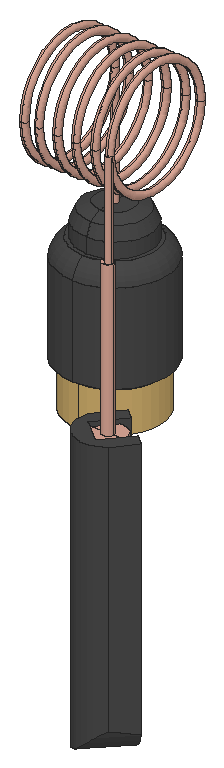
Revit family "QT_RFA", category Pipe Accessories, Revit 2019
Family settings
  Round Connector Dimension = Use Diameter
  Part Type = Normal
  OmniClass Number = 23.65.55.14.17
  OmniClass Title = Adjusting/Controlling Valves for Liquid Services
  Work Plane-Based = No
  Always vertical = Yes
  Cut with Voids When Loaded = No
  Shared = No
Parameters (values of type "QT_35-50°C_003Z0397")
  Weight = 0.21 kg  # constant formula
  W [instance] = 70.154 mm
  URL = "https://store.danfoss.com/en/Climate-Solutions-for-heating/Hydronic-Balancing-and-Control/One-pipe-solution/c/4031?q=%3Arelevance%3Adanfoss_producttypehierarchydesc%3AQT%3Adanfoss_a1962420243%3AA1962_4202439e4a66cc7b82afaecb8ea2b4cbdff853&text="
  Pressure Drop [instance] = 0.0 Pa
  Model Type = "QT_35-50°C"
  Model = "003Z0397"
  Min Temperature Setting = "35 °C"
  Max Temperature Setting = "50 °C"
  Max Capillary Tube Length = 600.00 mm  # constant formula
  Manufacturer = "Danfoss"  # constant formula
  LOD 350 [instance] = not(LOD 200)  # yes
  LOD 200 [instance] = no
  L [instance] = 61.43 mm
  IfcExportType = "QT"  # constant formula
  IfcExportAs = "IfcActuatorType"  # constant formula
  H [instance] = 186.378 mm
  For DN = "15-32"  # constant formula
  Flow [instance] = 0.0 L/s
  Description = "Thermostatic Actuator"  # constant formula
  Body Material = Danfoss Plastic Black
  A1 = 1.89 mm  # constant formula
Types (4, lengths in mm): name | Model Type | Model | Min Temperature Setting | Max Temperature Setting
  (no name) | "QT_35-50°C" | "003Z0397" | "35 °C" | "50 °C"
  QT_35-50°C_003Z0397 | "QT_35-50°C" | "003Z0397" | "35 °C" | "50 °C"
  QT_45-60°C_003Z0398 | "QT_45-60°C" | "003Z0398" | "45 °C" | "60 °C"
  QT_65-85°C_003Z0399 | "QT_65-85°C" | "003Z0399" | "65 °C" | "85 °C"
Reference planes
  plane 1 "Center (Front/Back)": y = 0
  plane 2: z = 0
  plane 3 "Center (Left/Right)": x = 0
  plane 4: z = 21.923
  plane 5 "2": y = -12.753
  plane 6: x = 27
  plane 7: z = 87.29
  plane 8: z = 129.634
  plane 9: z = 108.462
  plane 10: y = -40.292
  plane 11: y = -20.146
  plane 12: z = 87.29
  plane 13: z = 129.634
  plane 14: z = 108.462
  plane 15: y = -40.292
  plane 16: y = -20.146
  plane 17: z = 87.29
  plane 18: z = 129.634
  plane 19: z = 108.462
  plane 20: y = -40.292
  plane 21: y = -20.146
  plane 22: z = 87.29
  plane 23: z = 129.634
  plane 24: z = 108.462
  plane 25: y = -40.292
  plane 26: y = -20.146
  plane 27: z = 87.29
  plane 28: z = 129.634
  plane 29: z = 108.462
  plane 30: y = -40.292
  plane 31: y = -20.146
  plane 32: z = 87.29
  plane 33: z = 129.634
  plane 34: z = 108.462
  plane 35: y = -40.292
  plane 36: y = -20.146
  plane 37 "12": through (33.165, -43.049, 1200) normal (-0.6561, -0.7547, 0)
  plane 38: x = -18.517
  plane 39: y = 18.517
  plane 40 "cr": y = -40.738
  plane 41: x = 28.148
  plane 42: x = 32.148
  plane 43: x = 30.148
  plane 44: through (33.367, -22.543, 1200) normal (0.766, -0.6428, 0)
  plane 45: through (55.554, -27.215, 1200) normal (0.766, -0.6428, 0)
  plane 46: through (18.107, -56.286, 1200) normal (-0.766, 0.6428, 0)
  plane 47: z = 74.566
  plane 48: x = 29.285
  plane 49: x = 31.465
  plane 50: x = 30.375
  plane 51: z = 108.301
  plane 52: through (37.097, -48.971, 1200) normal (0.6561, 0.7547, 0)
  plane 53: z = -78.077
  plane 54: y = -51.638
Forms (mm)
  Revolve 1, solid, material "Danfoss Plastic Black" <- "Body Material", visible <- "LOD 350", detail levels fine
    sketch origin (0, 0, 0) x (0, 1, 0) y (0, 0, 1)
      loop
        line (0, 65.45) -> (-6.639, 65.45) -> (-10.808, 63.68)
        arc (-10.808, 63.68) -> (-11.745, 61.575) -> (-12.635, 59.45) r 106.518
        line (-12.635, 59.45) -> (-12.635, 54.278) -> (-14.111, 54.278)
        arc (-14.111, 54.278) -> (-17.038, 51.772) -> (-18.517, 48.214) r 8.293
        line (-18.517, 48.214) -> (-18.517, 16.243) -> (-13.422, 16.243) -> (-13.422, 14.431) -> (0, 14.431) -> (0, 65.45)
      axis (0, 65.45) -> (0, 14.431)
    angle from 0 to 360
  Extrusion 2, solid, material "Danfoss Plastic Black" <- "Body Material", visible <- "LOD 350", detail levels fine
    sketch origin (0, 0, 0) x (1, 0, 0) y (0, 1, 0)
      loop
        line (27.817, -29.157) -> (21.84, -36.279)
        arc (21.84, -36.279) -> (23.968, -49.301) -> (37.161, -49.135) r 10.113
        line (37.161, -49.135) -> (42.913, -42.28) -> (27.817, -29.157)
    from -78.077 to 21.923
  Extrusion 3, void
    sketch origin (-7.486, -8.905, 0) x (0.766044, -0.642788, 0) y (0, 0, 1)
      loop
        line (55.123, 23.173) -> (44.771, 23.173) -> (44.771, -68.843)
        arc (44.771, -68.843) -> (49.947, -74.019) -> (55.123, -68.843) r 5.176
        line (55.123, -68.843) -> (55.123, 23.173)
    from -23.759 to 5.084
  Revolve 4, solid, material "Danfoss Copper", visible <- "LOD 350", detail levels fine
    sketch origin (-8.159, -7.126, 0.341) x (0.75471, -0.656059, 0) y (0, 0, 1)
      loop
        line (50.931, 13.873) -> (48.306, 13.873) -> (48.306, -6.146) -> (46.181, -14.991) -> (46.181, -50.858) -> (48.931, -61.898) -> (48.931, -70.221)
        arc (48.931, -70.221) -> (49.517, -71.635) -> (50.931, -72.221) r 2
        line (50.931, -72.221) -> (50.931, 13.873)
      axis (50.931, 13.873) -> (50.931, -72.221)
    angle from 0 to 360
  Revolve 5, solid, material "Danfoss Brass", detail levels fine
    sketch origin (0, 0, 0) x (0, 1, 0) y (0, 0, 1)
      loop
        line (0, 0) -> (0, 14.431) -> (-15.98, 14.431) -> (-15.98, 0) -> (0, 0)
      axis (0, 0) -> (0, 14.431)
    angle from 0 to 360
  Sweep 6, solid, material "Danfoss Copper", detail levels fine
    path origin (0, 0, 0) x (0, 1, 0) y (0, 0, 1)
      loop
        circle (-20.134, 108.462) r 20
    profile origin (0, -20.134, 128.462) x (0, 0, -1) y (1, 0, 0)
      loop
        circle (0, 0) r 1.17
  Sweep 7, solid, material "Danfoss Copper", detail levels fine
    path origin (5.112, 0, 0) x (0, 1, 0) y (0, 0, 1)
      loop
        circle (-20.134, 108.462) r 20
    profile origin (5.112, -20.134, 128.462) x (0, 0, -1) y (1, 0, 0)
      loop
        circle (0, 0) r 1.17
  Sweep 8, solid, material "Danfoss Copper", detail levels fine
    path origin (11.739, 0, 0) x (0, 1, 0) y (0, 0, 1)
      loop
        circle (-20.134, 108.462) r 20
    profile origin (11.739, -20.134, 128.462) x (0, 0, -1) y (1, 0, 0)
      loop
        circle (0, 0) r 1.17
  Sweep 9, solid, material "Danfoss Copper", detail levels fine
    path origin (18.344, 0, 0) x (0, 1, 0) y (0, 0, 1)
      loop
        circle (-20.134, 108.462) r 20
    profile origin (18.344, -20.134, 128.462) x (0, 0, -1) y (1, 0, 0)
      loop
        circle (0, 0) r 1.17
  Sweep 10, solid, material "Danfoss Copper", detail levels fine
    path origin (25.102, 0, 0) x (0, 1, 0) y (0, 0, 1)
      loop
        circle (-20.134, 108.462) r 20
    profile origin (25.102, -20.134, 128.462) x (0, 0, -1) y (1, 0, 0)
      loop
        circle (0, 0) r 1.17
  Sweep 11, solid, material "Danfoss Copper", detail levels fine
    path origin (30.377, 0, 0) x (0, 1, 0) y (0, 0, 1)
      loop
        circle (-20.134, 108.462) r 20
    profile origin (30.377, -20.134, 128.462) x (0, 0, -1) y (1, 0, 0)
      loop
        circle (0, 0) r 1.17
  Revolve 12, solid, material "Danfoss Copper", detail levels fine
    sketch origin (0, 0, 0) x (0, 1, 0) y (0, 0, 1)
      loop
        line (0, 108.301) -> (-1.09, 108.301) -> (-1.09, 65.45) -> (0, 65.45) -> (0, 108.301)
      axis (0, 108.301) -> (0, 65.45)
    angle from 0 to 360
  Revolve 13, solid, material "Danfoss Plastic Black" <- "Body Material", visible <- "LOD 200", detail levels fine
    sketch origin (0, 0, 0) x (1, 0, 0) y (0, 0, 1)
      loop
        line (0, 65.45) -> (0, 14.431) -> (18.517, 14.431) -> (18.517, 65.45) -> (0, 65.45)
      axis (0, 65.45) -> (0, 14.431)
    angle from 0 to 360
  Revolve 14, solid, material "Danfoss Copper", detail levels fine
    sketch origin (0, -40.738, 0) x (0, 0, -1) y (1, 0, 0)
      loop
        line (-20.478, 28.148) -> (-20.478, 30.148) -> (-74.566, 30.148) -> (-74.566, 28.148) -> (-20.478, 28.148)
      axis (-20.478, 30.148) -> (-74.566, 30.148)
    angle from 0 to 360
  Extrusion 15, void
    sketch origin (-7.156, -7.156, 0) x (-0.707107, 0.707107, 0) y (0, 0, 1)
      loop
        arc (-40.287, -68.248) -> (-43.068, -73.019) -> (-47.282, -76.586) r 16.294
        arc (-47.282, -76.586) -> (-50.894, -77.571) -> (-54.507, -76.586) r 7.119
        arc (-54.507, -76.586) -> (-58.556, -73.036) -> (-61.021, -68.248) r 14.43
        line (-61.021, -68.248) -> (-65.333, -68.248) -> (-65.333, -81.247) -> (-36.391, -81.247) -> (-36.391, -68.248) -> (-40.287, -68.248)
    from -10.384 to 29.048
  Revolve 16, solid, material "Danfoss Copper", detail levels fine
    sketch origin (0, -40.738, 0) x (0, 0, -1) y (1, 0, 0)
      loop
        line (-74.566, 29.285) -> (-74.566, 30.375) -> (-108.301, 30.375) -> (-108.301, 29.285) -> (-74.566, 29.285)
      axis (-74.566, 30.375) -> (-108.301, 30.375)
    angle from 0 to 360
  Extrusion 17, solid, material "Danfoss Plastic Black" <- "Body Material", visible <- "LOD 200", detail levels fine
    sketch origin (0, 0, 0) x (1, 0, 0) y (0, 1, 0)
      loop
        line (27.817, -29.157) -> (21.84, -36.279)
        arc (21.84, -36.279) -> (23.968, -49.301) -> (37.161, -49.135) r 10.113
        line (37.161, -49.135) -> (42.913, -42.28) -> (27.817, -29.157)
    from -78.077 to 21.923
  Revolve 18, solid, material "Danfoss Copper", visible <- "LOD 350", detail levels fine
    sketch origin (0, -40.738, 0) x (0, 0, -1) y (1, 0, 0)
      loop
        line (-14.214, 30.148) -> (-14.214, 36.148) -> (-20.478, 36.148) -> (-20.478, 30.148) -> (-14.214, 30.148)
      axis (-14.214, 30.148) -> (-20.478, 30.148)
    angle from 0 to 360
Cuts and joins
  Extrusion 3, Extrusion 15 cuts Extrusion 2
Dimensions and locks
  equal spacing: plane 8, plane 9, plane 7
  equal spacing: plane 1 "Center (Front/Back)", plane 11, plane 10
  equal spacing: plane 13, plane 14, plane 12
  plane 16 to plane 15 = 20.146 mm
  equal spacing: plane 18, plane 19, plane 17
  plane 21 to plane 20 = 20.146 mm
  equal spacing: plane 23, plane 24, plane 22
  plane 26 to plane 25 = 20.146 mm
  equal spacing: plane 28, plane 29, plane 27
  plane 31 to plane 30 = 20.146 mm
  equal spacing: plane 33, plane 34, plane 32
  plane 36 to plane 35 = 20.146 mm
  locked: plane 41 to plane 42 at 4
  equal spacing: plane 41, plane 43, plane 42
  locked: plane 44 to plane 45 at 20
  equal spacing: plane 45, plane 46, plane 44
  plane 4 to level = 21.923 mm
  plane 47 to level = 74.566 mm
  equal spacing: plane 48, plane 50, plane 49
  Revolve 1 to level = 65.45 mm
  "L": plane 38 to cut or joined group of Extrusion 2, Extrusion 3, Extrusion 15
  plane 3 "Center (Left/Right)" to plane 6 = 27.00 mm
  "A1": plane 37 "12" to plane 52
  plane 4 to Revolve 18 sketch curve = 1.445 mm
  plane 4 to Revolve 18 sketch curve = 7.709 mm
  plane 4 to plane 53 = 100.00 mm
  Revolve 4 to Revolve 4 to Revolve 4 = 0.00 mm, 0.00 mm
  Revolve 4 to Revolve 4 = 9.477 mm
  Revolve 4 sketch curve to Revolve 4 sketch curve = 4.75 mm
  Revolve 4 to Revolve 14 = 80.371 mm
  Revolve 14 to Revolve 4 = 80.371 mm
  "H": plane 51 to plane 53
  "W": plane 54 to plane 39
  plane 39 to plane 54 = 70.154 mm
  plane 54 to plane 39 = 70.154 mm
  plane 51 to plane 53 = 186.378 mm
  radius of Sweep 6 sketch curve = 20.00 mm
  radius of Sweep 7 sketch curve = 20.00 mm
  radius of Sweep 8 sketch curve = 20.00 mm
  radius of Sweep 9 sketch curve = 20.00 mm
  radius of Sweep 10 sketch curve = 20.00 mm
  radius of Sweep 11 sketch curve = 20.00 mm
  radius of Sweep 6 sketch curve = 1.17 mm
  locked: plane 1 "Center (Front/Back)" to plane 44 (angle 50.00°)
  locked: plane 1 "Center (Front/Back)" to cut or joined group of Extrusion 2, Extrusion 3, Extrusion 15 (angle 50.00°)
  locked: plane 37 "12" to plane 1 "Center (Front/Back)" (angle 41.00°)
  aligned and locked: level to plane 2
  aligned and locked: plane 1 "Center (Front/Back)" to Revolve 1 sketch curve
  aligned and locked: Revolve 1 sketch curve to plane 1 "Center (Front/Back)"
  aligned and locked: plane 4 to Extrusion 2
  aligned and locked: Revolve 5 sketch curve to Revolve 1
  aligned and locked: level to Revolve 5 sketch curve
  aligned and locked: plane 1 "Center (Front/Back)" to Revolve 5 sketch curve
  aligned and locked: Revolve 5 sketch curve to Revolve 5 sketch curve  (x2)
  aligned and locked: plane 1 "Center (Front/Back)" to Revolve 12 sketch curve
  aligned and locked: Revolve 1 to Revolve 12 sketch curve
  aligned and locked: Revolve 12 sketch curve to plane 1 "Center (Front/Back)"
  aligned and locked: Revolve 13 sketch curve to plane 3 "Center (Left/Right)"  (x2)
  aligned and locked: Revolve 13 sketch curve to Revolve 5
  aligned and locked: Revolve 13 sketch curve to Revolve 1
  aligned and locked: Revolve 14 sketch curve to plane 41
  aligned and locked: Revolve 14 sketch curve to plane 43  (x2)
  aligned and locked: Extrusion 2 sketch curve to plane 44
  aligned and locked: Extrusion 2 sketch curve to plane 45
  aligned and locked: Revolve 14 sketch curve to plane 47
  aligned and locked: plane 51 to Revolve 12 sketch curve
  aligned and locked: Revolve 16 sketch curve to plane 47
  aligned and locked: Revolve 16 sketch curve to plane 51
  aligned and locked: Revolve 16 sketch curve to plane 50  (x2)
  aligned and locked: Revolve 16 sketch curve to plane 48
  aligned and locked: Extrusion 17 sketch curve to plane 44
  aligned and locked: Extrusion 17 sketch curve to plane 45
  aligned and locked: Extrusion 17 sketch curve to cut or joined group of Extrusion 2, Extrusion 3, Extrusion 15  (x2)
  aligned and locked: plane 4 to Extrusion 17
  aligned and locked: Revolve 18 sketch curve to plane 43  (x2)
  aligned and locked: Revolve 18 to Revolve 4 sketch curve
  aligned and locked: Revolve 4 sketch curve to Revolve 4 sketch curve  (x2)
  aligned and locked: Extrusion 17 to plane 53
Automatic sketch dimensions
  Sweep 6 sketch curve to plane 9 = 0.00 mm
  plane 11 to Sweep 6 sketch curve = 0.012 mm
  Sweep 6 sketch curve to plane 3 "Center (Left/Right)" = 0.00 mm
  Sweep 6 sketch curve to profile plane = 0.00 mm
  Sweep 7 sketch curve to plane 14 = 0.00 mm
  plane 16 to Sweep 7 sketch curve = 0.012 mm
  Sweep 7 sketch curve to profile plane = 0.00 mm  (x2)
  Sweep 8 sketch curve to plane 19 = 0.00 mm
  plane 21 to Sweep 8 sketch curve = 0.012 mm
  Sweep 8 sketch curve to profile plane = 0.00 mm  (x2)
  Sweep 9 sketch curve to plane 24 = 0.00 mm
  plane 26 to Sweep 9 sketch curve = 0.012 mm
  Sweep 9 sketch curve to profile plane = 0.00 mm  (x2)
  Sweep 10 sketch curve to plane 29 = 0.00 mm
  plane 31 to Sweep 10 sketch curve = 0.012 mm
  Sweep 10 sketch curve to profile plane = 0.00 mm  (x2)
  Sweep 11 sketch curve to plane 34 = 0.00 mm
  plane 36 to Sweep 11 sketch curve = 0.012 mm
  Sweep 11 sketch curve to profile plane = 0.00 mm  (x2)
  Revolve 1 sketch curve to plane 5 "2" = 6.114 mm
  Revolve 1 sketch curve to plane 5 "2" = 2.424 mm
  Revolve 1 sketch curve to plane 5 "2" = 1.945 mm
  Revolve 1 sketch curve to plane 5 "2" = 0.117 mm
  plane 5 "2" to Revolve 1 sketch curve = 0.669 mm
  plane 5 "2" to Revolve 1 sketch curve = 1.358 mm
  Revolve 1 sketch curve to Revolve 1 sketch curve = 5.094 mm
  Revolve 1 sketch curve to plane 4 = 2.587 mm
  Revolve 1 sketch curve to plane 1 "Center (Front/Back)" = 86.041 mm
  Revolve 1 sketch curve to plane 4 = 5.68 mm
  Revolve 1 sketch curve to Revolve 1 sketch curve = 1.812 mm
  plane 4 to Revolve 1 sketch curve = 24.975 mm
  Revolve 1 sketch curve to Revolve 1 sketch curve = 1.316 mm
  Revolve 1 sketch curve to Revolve 1 sketch curve = 5.172 mm
  Revolve 1 sketch curve to Revolve 1 sketch curve = 1.77 mm
  Revolve 1 sketch curve to Revolve 1 sketch curve = 0.00 mm
  Revolve 1 sketch curve to Revolve 1 sketch curve = 2676.024 mm
  plane 5 "2" to Revolve 5 sketch curve = 3.227 mm
  Revolve 5 sketch curve to plane 4 = 1.68 mm
  Revolve 12 sketch curve to level = 520.992 mm
  Revolve 12 sketch curve to Revolve 12 sketch curve = 2633.173 mm
  Revolve 13 sketch curve to plane 6 = 8.483 mm
  Revolve 13 sketch curve to level = 366.045 mm
  Revolve 13 sketch curve to Revolve 13 sketch curve = 2148.865 mm
  Revolve 14 sketch curve to plane 4 = 0.00 mm
  Revolve 14 sketch curve to Revolve 14 sketch curve = 7.852 mm
  Extrusion 2 sketch curve to plane 46 = 0.00 mm
  plane 41 to Extrusion 2 sketch curve = 0.331 mm
  Extrusion 2 sketch curve to plane 43 = 0.32 mm
  plane 40 "cr" to Extrusion 2 sketch curve = 1.543 mm
  plane 4 to Extrusion 3 sketch curve = 1.25 mm
  plane 44 to Extrusion 3 sketch curve = 4.71 mm
  plane 46 to Extrusion 3 sketch curve = 0.115 mm
  Extrusion 3 sketch curve to level = 68.843 mm
  Extrusion 15 sketch curve to level = 68.248 mm
  Extrusion 15 sketch curve to Extrusion 15 sketch curve = 4.312 mm
  Extrusion 15 sketch curve to Extrusion 15 sketch curve = 5.471 mm
  Extrusion 15 sketch curve to Extrusion 15 sketch curve = 4.655 mm
  Extrusion 15 sketch curve to Extrusion 15 sketch curve = 3.71 mm
  Extrusion 15 sketch curve to Extrusion 15 sketch curve = 10.794 mm
  Extrusion 15 sketch curve to Extrusion 15 sketch curve = 2.204 mm
  Extrusion 15 sketch curve to Extrusion 15 sketch curve = 12.998 mm
  Extrusion 15 sketch curve to Extrusion 15 sketch curve = 5.702 mm
  Extrusion 15 sketch curve to Extrusion 15 sketch curve = 0.00 mm  (x2)
  Extrusion 15 sketch curve to Extrusion 15 sketch curve = 3.612 mm
  Extrusion 15 sketch curve to Extrusion 15 sketch curve = 3.896 mm
  plane 1 "Center (Front/Back)" to Revolve 12 sketch curve = 1.09 mm
  Revolve 16 sketch curve to Revolve 16 sketch curve = 22.997 mm
  Revolve 16 sketch curve to plane 47 = 1.672 mm
  Extrusion 2 sketch curve to plane 40 "cr" = 4.458 mm
  Revolve 18 sketch curve to plane 47 = 0.00 mm
  Revolve 18 sketch curve to plane 42 = 4.00 mm
  Revolve 18 sketch curve to Revolve 18 sketch curve = 5.619 mm
  Revolve 14 sketch curve to plane 4 = 1.445 mm
  Revolve 4 sketch curve to level = 14.65 mm
  Revolve 4 sketch curve to Revolve 4 sketch curve = 2.625 mm
  Revolve 4 sketch curve to Revolve 4 sketch curve = 2.00 mm
  plane 53 to Revolve 4 sketch curve = 16.519 mm
  plane 53 to Revolve 4 sketch curve = 8.197 mm
  Revolve 4 sketch curve to level = 5.805 mm
  plane 53 to Revolve 4 sketch curve = 27.56 mm
  Revolve 4 sketch curve to Revolve 4 sketch curve = 0.00 mm
  radius of Sweep 7 sketch curve = 1.17 mm
  radius of Sweep 8 sketch curve = 1.17 mm
  radius of Sweep 9 sketch curve = 1.17 mm
  radius of Sweep 10 sketch curve = 1.17 mm
  radius of Sweep 11 sketch curve = 1.17 mm
